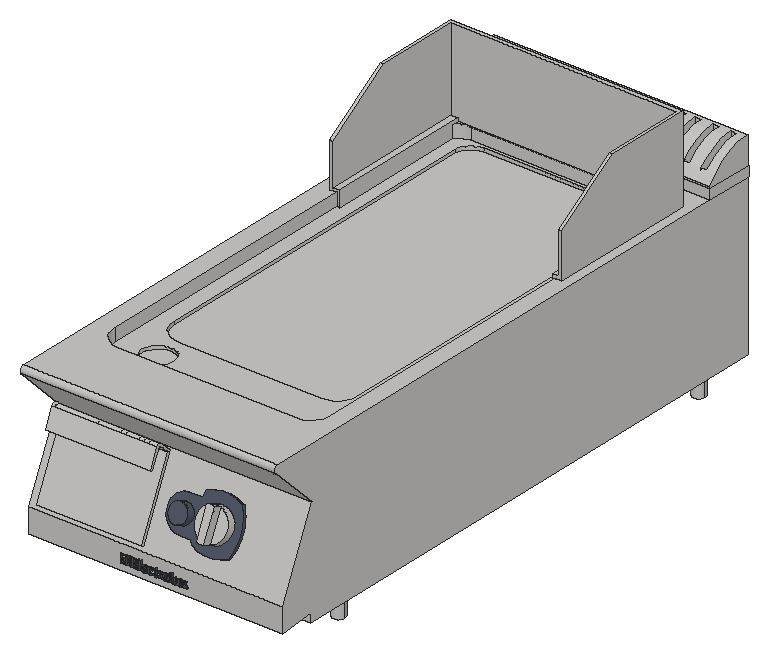
Revit family "QF_ELECTROLUXPROFESSIONAL_391585_E9IIDTAOMCI", category Attrezzature speciali, Revit 2021
Family settings
  Quota connettore circolare = Usa diametro
  Tipo di parte = Normale
  Basato su piano di lavoro = No
  Sempre verticale = Sì
  Taglio con vuoti quando caricato = No
  Condiviso = No
  Punto di calcolo locali = No
Parameters (values of type "Standard")
  Weight = 55.00 kg
  Watts = 0 W
  Volts = 0 V
  URL Manufacturer = "https://www.electroluxprofessional.com/"
  URL = "https://www.electroluxprofessional.com/"
  Steam Supply Size = 0"
  Steam Supply Minimum Pressure = 0.00 psi
  Steam Supply Maximum Pressure = 0.00 psi
  Steam Consumption per Hour = 0
  Show Logo [instance] = yes
  Show Clearance [instance] = yes
  Refrigeration Suction Line Size = 0 mm
  Refrigeration Liquid Line Size = 0 mm
  Refrigerant Compressor Remote = yes
  Prospetto di default = 0 mm
  Phase = 0
  Modello = "E9IIDTAOMCI"
  Produttore = "Electrolux Professional"
  Length Actual = 400 mm  # constant formula
  Item Number = "391585"
  Hot Water Size = 0"
  Height Actual = 250 mm  # constant formula
  HP = "0 HP"
  Gas Size = 1/2"
  Gas KW = 10
  Gas Input Pressure = 0.336018 Btu/h
  Direct Waste Size = 0"
  Descrizione = "GAS FRY TOP POLISHED CHROME SMOOTH SLOPED PLATE 400MM - QMARK"
  Depth Actual = 930 mm  # constant formula
  Cycle = 0 Hz
  Condensate Return Size = 0"
  Compressed Air Volume = 0 GPM
  Compressed Air Size = 0"
  Compressed Air Pressure = 0.00 psi
  Cold Water Size = 0"
  Base Height [instance] = 24 mm  # constant formula
  Accessory = yes
Reference planes
  plane 1 "BACK": y = 0
  plane 2: z = 0
  plane 3 "LEFT": x = 0
  plane 4 "RIGHT": x = 400
  plane 5 "FRONT": y = -930
  plane 6 "TOP": z = 410
  plane 7 "Center Y": x = 200
  plane 8 "Center X": y = -465
  plane 9 "BASE": z = 24
  plane 10: y = -791
  plane 11: y = -83
  plane 12: x = 348
  plane 13: y = -1045
  plane 14: z = 275
  plane 15: y = -666
  plane 16: y = -346.873
Forms (mm)
  Extrusion 1, solid, material "QF_Clearances", visible <- "Show Clearance", detail levels coarse
    sketch origin (0, 0, 0) x (1, 0, 0) y (0, 1, 0)
      loop
        line (0, -930) -> (0, 0) -> (400.05, 0) -> (400.05, -930) -> (500.069, -930) -> (500.069, 100.019) -> (-100.019, 100.019) -> (-100.019, -930) -> (0, -930)
    from 0 to 410
  Extrusion 2, solid, material "QF_Finishes_Stainless Steel"
    sketch origin (0, -200, 0) x (0, 1, 0) y (0, 0, 1)
      loop
        line (200, 275) -> (-723.497, 275)
        arc (-723.497, 275) -> (-729.729, 270.836) -> (-728.267, 263.485) r 6.745
        line (-728.267, 263.485) -> (-657.416, 192.634) -> (-713.772, 70.59) -> (-713.772, 32.49) -> (-660.4, 38.1) -> (-660.4, 24) -> (200, 24) -> (200, 275)
    from 0 to 400.05
  Extrusion 3, void
    sketch origin (0, -202.381, 275.4) x (-1, 0, 0) y (0, -1, 0)
      loop
        arc (-55.4, -87.381) -> (-37.439, -79.942) -> (-30, -61.981) r 25.4
        line (-30, -61.981) -> (-30, 579.98)
        arc (-30, 579.98) -> (-40.99, 606.513) -> (-67.523, 617.504) r 37.523
        line (-67.523, 617.504) -> (-344.314, 617.504)
        arc (-344.314, 617.504) -> (-366.048, 608.501) -> (-375.05, 586.768) r 30.736
        line (-375.05, 586.768) -> (-375.05, -61.981)
        arc (-375.05, -61.981) -> (-367.611, -79.942) -> (-349.65, -87.381) r 25.4
        line (-349.65, -87.381) -> (-55.4, -87.381)
    from 0 to -20
  Extrusion 4, solid, material "QF_Finishes_Stainless Steel"
    sketch origin (0, -200, 0) x (1, 0, 0) y (0, 1, 0)
      loop
        circle (11.112, 117) r 9.525
      loop
        circle (11.112, -591) r 9.525
      loop
        circle (388.887, 117) r 9.525
      loop
        circle (388.888, -591) r 9.525
    from 0 to 24
  Extrusion 5, solid, material "QF_Finishes_Navy Blue - Electrolux"
    sketch origin (115.456, -913.772, 69.19) x (0, 0.419232, 0.907879) y (-1, 0, 0)
      loop
        arc (102.26, -132.62) -> (97.637, -130.762) -> (92.92, -129.161) r 90.355
        arc (92.92, -129.161) -> (93.04, -117.639) -> (92.027, -106.161) r 117.12
        arc (92.027, -106.161) -> (66.337, -82.611) -> (38.409, -103.459) r 27.322
        arc (38.409, -103.459) -> (36.611, -116.6) -> (37.509, -129.833) r 65.199
        arc (37.509, -129.833) -> (34.4, -130.94) -> (31.333, -132.16) r 90.355
        arc (31.333, -132.16) -> (24.504, -161.269) -> (31.333, -190.378) r 65.456
        arc (31.333, -190.378) -> (66.877, -199.452) -> (102.26, -189.765) r 71.728
        arc (102.26, -189.765) -> (108.852, -161.193) -> (102.26, -132.62) r 65.22
    from 0 to 3.175
  Extrusion 6, solid, material "QF_Finishes_Stainless Steel"
    sketch origin (115.456, -917.486, 68.721) x (0, 0.419232, 0.907879) y (-1, 0, 0)
      loop
        circle (68.826, -160.963) r 25.4
    from 0 to 12.7
  Extrusion 7, solid, material "QF_Finishes_Stainless Steel"
    sketch origin (115.456, -929.016, 74.045) x (0, 0.419232, 0.907879) y (-1, 0, 0)
      loop
        arc (93.558, -166.749) -> (94.226, -160.963) -> (93.558, -155.177) r 25.4
        line (93.558, -155.177) -> (44.094, -155.177)
        arc (44.094, -155.177) -> (43.426, -160.963) -> (44.094, -166.749) r 25.4
        line (44.094, -166.749) -> (93.558, -166.749)
    from 0 to 12.7
  Extrusion 8, solid, material "QF_Finishes_Navy Blue - Electrolux", visible <- "Show Logo"
    sketch origin (-142.26, -913.772, 35.853) x (0, 0, 1) y (-1, 0, 0)
      loop
        line (20.674, -296.698) -> (8.307, -296.698)
        arc (8.307, -296.698) -> (14.491, -301.27) -> (20.674, -296.698) r 6.467
      loop
        arc (20.674, -296.069) -> (19.505, -290.926) -> (14.849, -288.448) r 6.338
        line (14.849, -288.448) -> (14.849, -290.494)
        arc (14.849, -290.494) -> (16.333, -294.149) -> (19.778, -296.069) r 5.941
        line (19.778, -296.069) -> (20.674, -296.069)
      loop
        arc (9.203, -296.069) -> (12.648, -294.149) -> (14.132, -290.494) r 5.941
        line (14.132, -290.494) -> (14.132, -288.448)
        arc (14.132, -288.448) -> (9.438, -290.922) -> (8.148, -296.069) r 6.504
        line (8.148, -296.069) -> (9.203, -296.069)
      loop
        line (21.349, -287.979) -> (7.604, -287.979) -> (7.604, -301.742) -> (21.349, -301.742) -> (21.349, -287.979)
      loop
        arc (21.432, -304.71) -> (21.085, -304.352) -> (20.718, -304.69) r 0.358
        arc (20.718, -304.69) -> (20.404, -305.44) -> (19.687, -305.825) r 1.216
        line (19.687, -305.825) -> (9.274, -305.825)
        arc (9.274, -305.825) -> (8.614, -305.548) -> (8.218, -304.951) r 1.238
        arc (8.218, -304.951) -> (7.823, -304.7) -> (7.518, -305.054) r 0.358
        line (7.518, -305.054) -> (7.518, -314.933) -> (10.269, -314.933) -> (10.269, -314.036)
        arc (10.269, -314.036) -> (9.36, -313.456) -> (8.904, -312.479) r 1.928
        line (8.904, -312.479) -> (8.904, -309.98)
        arc (8.904, -309.98) -> (9.18, -309.251) -> (9.868, -308.887) r 1.101
        line (9.868, -308.887) -> (13.955, -308.887) -> (13.955, -312.561)
        arc (13.955, -312.561) -> (13.602, -313.058) -> (13.037, -313.286) r 1.083
        arc (13.037, -313.286) -> (12.773, -313.591) -> (13.065, -313.869) r 0.292
        line (13.065, -313.869) -> (16.028, -313.869)
        arc (16.028, -313.869) -> (16.33, -313.596) -> (16.092, -313.266) r 0.305
        arc (16.092, -313.266) -> (15.601, -313.018) -> (15.296, -312.561) r 1.083
        line (15.296, -312.561) -> (15.296, -308.887) -> (19.973, -308.887) -> (19.973, -312.635)
        arc (19.973, -312.635) -> (19.759, -313.39) -> (19.153, -313.888) r 1.314
        arc (19.153, -313.888) -> (18.934, -314.292) -> (19.288, -314.585) r 0.361
        line (19.288, -314.585) -> (21.432, -314.585) -> (21.432, -304.71)
      loop
        arc (20.715, -315.365) -> (20.335, -316.284) -> (19.416, -316.664) r 1.299
        line (19.416, -316.664) -> (9.837, -316.664)
        arc (9.837, -316.664) -> (8.999, -316.286) -> (8.728, -315.408) r 1.118
        line (8.728, -315.408) -> (7.518, -315.408) -> (7.518, -320.758) -> (8.706, -320.758)
        arc (8.706, -320.758) -> (8.978, -319.841) -> (9.848, -319.445) r 1.153
        line (9.848, -319.445) -> (21.92, -319.445) -> (20.715, -315.365)
      loop
        line (12.483, -323.394) -> (12.483, -329.842) -> (13.282, -329.842)
        arc (13.282, -329.842) -> (15.862, -328.857) -> (17.131, -326.404) r 3.874
        line (17.131, -326.404) -> (17.131, -324.643)
        arc (17.131, -324.643) -> (15.944, -321.778) -> (13.08, -320.592) r 4.051
        line (13.08, -320.592) -> (11.072, -320.592)
        arc (11.072, -320.592) -> (8.253, -322.077) -> (7.202, -325.084) r 4.352
        arc (7.202, -325.084) -> (7.566, -327.547) -> (8.943, -329.621) r 5.713
        line (8.943, -329.621) -> (9.892, -329.621)
        arc (9.892, -329.621) -> (9.16, -328.052) -> (8.943, -326.334) r 5.579
        arc (8.943, -326.334) -> (9.737, -324.371) -> (11.616, -323.394) r 3.057
        line (11.616, -323.394) -> (12.483, -323.394)
      loop
        line (13.742, -323.394) -> (13.742, -326.977)
        arc (13.742, -326.977) -> (15.199, -327.024) -> (16.082, -325.864) r 1.59
        line (16.082, -325.864) -> (16.082, -325.034)
        arc (16.082, -325.034) -> (15.217, -323.779) -> (13.742, -323.394) r 2.184
      loop
        arc (16.533, -339.259) -> (17.022, -337.585) -> (17.179, -335.848) r 9.023
        line (17.179, -335.848) -> (17.179, -334.486)
        arc (17.179, -334.486) -> (16.02, -331.686) -> (13.22, -330.527) r 3.959
        line (13.22, -330.527) -> (10.62, -330.527)
        arc (10.62, -330.527) -> (8.338, -331.819) -> (7.221, -334.192) r 4.331
        line (7.221, -334.192) -> (7.221, -336.327)
        arc (7.221, -336.327) -> (7.729, -337.877) -> (8.651, -339.223) r 5.772
        arc (8.651, -339.223) -> (9.412, -339.274) -> (9.499, -338.515) r 0.553
        arc (9.499, -338.515) -> (9.111, -337.781) -> (8.977, -336.962) r 2.573
        line (8.977, -336.962) -> (8.977, -335.447)
        arc (8.977, -335.447) -> (9.983, -333.806) -> (11.798, -333.163) r 2.884
        line (11.798, -333.163) -> (13.077, -333.163)
        arc (13.077, -333.163) -> (14.898, -333.723) -> (15.824, -335.388) r 2.554
        line (15.824, -335.388) -> (15.824, -336.441)
        arc (15.824, -336.441) -> (15.493, -337.369) -> (14.836, -338.104) r 2.564
        arc (14.836, -338.104) -> (14.614, -338.821) -> (15.223, -339.259) r 0.643
        line (15.223, -339.259) -> (16.533, -339.259)
      loop
        line (15.515, -339.53) -> (15.515, -341.031) -> (9.467, -341.031)
        arc (9.467, -341.031) -> (7.879, -341.688) -> (7.221, -343.276) r 2.246
        line (7.221, -343.276) -> (7.221, -344.86)
        arc (7.221, -344.86) -> (7.535, -345.725) -> (8.035, -346.496) r 4.06
        arc (8.035, -346.496) -> (8.768, -346.629) -> (9.019, -345.928) r 0.576
        arc (9.019, -345.928) -> (8.913, -345.403) -> (8.977, -344.87) r 1.69
        arc (8.977, -344.87) -> (9.519, -344.082) -> (10.425, -343.779) r 1.506
        line (10.425, -343.779) -> (15.563, -343.779) -> (15.563, -346.176) -> (16.119, -346.733) -> (16.941, -346.733) -> (16.941, -343.873) -> (20.172, -343.873) -> (15.515, -339.53)
      loop
        line (7.438, -347.63) -> (7.438, -353.017) -> (8.548, -353.017)
        arc (8.548, -353.017) -> (8.942, -352.066) -> (9.893, -351.672) r 1.345
        line (9.893, -351.672) -> (13.509, -351.672)
        arc (13.509, -351.672) -> (14.274, -352.264) -> (14.564, -353.186) r 1.615
        line (14.564, -353.186) -> (14.564, -354.742) -> (17.119, -355.427) -> (17.119, -354.044) -> (15.177, -351.485) -> (17.057, -351.485) -> (16.773, -348.779)
        arc (16.773, -348.779) -> (16.333, -348.249) -> (15.674, -348.45) r 0.621
        arc (15.674, -348.45) -> (15.274, -348.792) -> (14.78, -348.975) r 1.501
        line (14.78, -348.975) -> (9.893, -348.975)
        arc (9.893, -348.975) -> (8.942, -348.581) -> (8.548, -347.63) r 1.345
        line (8.548, -347.63) -> (7.438, -347.63)
      loop
        line (13.54, -354.964) -> (10.848, -354.964)
        arc (10.848, -354.964) -> (8.403, -356.272) -> (7.269, -358.803) r 4.288
        arc (7.269, -358.803) -> (7.205, -360.183) -> (7.269, -361.563) r 15.022
        arc (7.269, -361.563) -> (8.403, -364.094) -> (10.848, -365.401) r 4.288
        line (10.848, -365.401) -> (13.54, -365.401)
        arc (13.54, -365.401) -> (15.986, -364.094) -> (17.119, -361.563) r 4.288
        arc (17.119, -361.563) -> (17.183, -360.183) -> (17.119, -358.803) r 15.022
        arc (17.119, -358.803) -> (15.986, -356.272) -> (13.54, -354.964) r 4.288
      loop
        line (13.745, -358.078) -> (10.643, -358.078)
        arc (10.643, -358.078) -> (8.486, -360.235) -> (10.643, -362.392) r 2.157
        line (10.643, -362.392) -> (13.745, -362.392)
        arc (13.745, -362.392) -> (15.902, -360.235) -> (13.745, -358.078) r 2.157
      loop
        arc (20.726, -365.26) -> (20.355, -366.154) -> (19.461, -366.524) r 1.264
        line (19.461, -366.524) -> (9.597, -366.524)
        arc (9.597, -366.524) -> (8.727, -366.127) -> (8.455, -365.211) r 1.153
        line (8.455, -365.211) -> (7.518, -365.211) -> (7.518, -370.319) -> (8.446, -370.319)
        arc (8.446, -370.319) -> (8.805, -369.547) -> (9.597, -369.232) r 1.153
        line (9.597, -369.232) -> (21.92, -369.232) -> (20.726, -365.26)
      loop
        arc (15.846, -369.857) -> (15.647, -370.921) -> (14.678, -371.403) r 1.215
        line (14.678, -371.403) -> (9.658, -371.403)
        arc (9.658, -371.403) -> (8.043, -372.051) -> (7.322, -373.634) r 2.338
        line (7.322, -373.634) -> (7.322, -375.148)
        arc (7.322, -375.148) -> (7.497, -376.152) -> (7.999, -377.038) r 2.979
        line (7.999, -377.038) -> (7.518, -378.835) -> (7.518, -380.524) -> (16.943, -380.524) -> (16.649, -376.32) -> (15.863, -376.32)
        arc (15.863, -376.32) -> (15.507, -377.156) -> (14.755, -377.665) r 1.605
        line (14.755, -377.665) -> (9.652, -377.665)
        arc (9.652, -377.665) -> (9.232, -376.728) -> (9.159, -375.704) r 2.94
        arc (9.159, -375.704) -> (9.72, -374.603) -> (10.873, -374.16) r 1.724
        line (10.873, -374.16) -> (17.07, -374.16) -> (15.846, -369.857)
      loop
        line (16.874, -381.377) -> (15.202, -383.423) -> (12.028, -385.729) -> (8.572, -382.617)
        arc (8.572, -382.617) -> (8.335, -382.223) -> (8.357, -381.764) r 0.789
        line (8.357, -381.764) -> (7.518, -381.764) -> (7.518, -385.309) -> (8.344, -385.309)
        arc (8.344, -385.309) -> (8.686, -384.947) -> (9.176, -385.039) r 0.52
        line (9.176, -385.039) -> (10.976, -386.51) -> (8.858, -387.886)
        arc (8.858, -387.886) -> (8.457, -387.576) -> (8.37, -387.076) r 0.7
        line (8.37, -387.076) -> (7.518, -387.076) -> (7.518, -393.003) -> (8.405, -393.003)
        arc (8.405, -393.003) -> (8.472, -392.344) -> (8.866, -391.813) r 1.247
        line (8.866, -391.813) -> (13.066, -388.532) -> (15.513, -390.585) -> (16.874, -392.327) -> (16.874, -388.604) -> (15.389, -389.026) -> (13.868, -387.749) -> (15.568, -386.559) -> (16.874, -387.336) -> (16.874, -381.377)
    from 0 to 1.644
  Extrusion 9, solid, material "QF_Finishes_Stainless Steel"
    sketch origin (0, -200, 0) x (0, 1, 0) y (0, 0, 1)
      loop
        line (-658.831, 188.559) -> (-675.238, 204.966)
        arc (-675.238, 204.966) -> (-679.705, 206.368) -> (-683.409, 203.504) r 5.058
        line (-683.409, 203.504) -> (-696.071, 175.994) -> (-693.187, 174.666) -> (-680.525, 202.176)
        arc (-680.525, 202.176) -> (-679.146, 203.243) -> (-677.483, 202.721) r 1.883
        line (-677.483, 202.721) -> (-662.64, 187.878) -> (-713.474, 77.433) -> (-710.589, 76.105) -> (-658.831, 188.559)
    from 12.7 to 177.8
  Extrusion 10, solid, material "QF_Door-Drawer Clearances", visible <- "Show Clearance", detail levels coarse
    sketch origin (0, -301.6, 0) x (0, 1, 0) y (0, 0, 1)
      loop
        line (-576.323, 206.368) -> (-709.631, 206.368)
        arc (-709.631, 206.368) -> (-711.835, 205.39) -> (-713.335, 203.504) r 5.058
        line (-713.335, 203.504) -> (-725.997, 175.994) -> (-723.113, 174.666) -> (-710.451, 202.176)
        arc (-710.451, 202.176) -> (-709.072, 203.243) -> (-707.409, 202.721) r 1.883
        line (-707.409, 202.721) -> (-692.566, 187.878) -> (-743.4, 77.433) -> (-740.516, 76.105) -> (-608.989, 76.105) -> (-557.231, 188.559) -> (-573.638, 204.966)
        arc (-573.638, 204.966) -> (-574.873, 205.873) -> (-576.323, 206.368) r 5.058
    from 12.7 to 177.8
  Extrusion 11, solid, material "QF_Finishes_Stainless Steel"
    sketch origin (0, 0, 24) x (-1, 0, 0) y (0, 1, 0)
      loop
        circle (-348.05, -666) r 6.4
    from 0 to 18
  Extrusion 12, solid, material "QF_Finishes_Stainless Steel"
    sketch origin (0, -200, 0) x (0, -1, 0) y (0, 0, 1)
      loop
        line (-124.988, 275) -> (-124.988, 290) -> (-200, 290) -> (-200, 275) -> (-124.988, 275)
    from 0 to -400.05
  Extrusion 13, solid, material "QF_Finishes_Stainless Steel"
    sketch origin (0, 0, 0) x (0, 1, 0) y (0, 0, 1)
      loop
        line (0, 290) -> (0, 333.762)
        arc (0, 333.762) -> (-42.919, 323.313) -> (-75.012, 292.959) r 86.116
        line (-75.012, 292.959) -> (-75.012, 290) -> (0, 290)
    from 0 to 400
  Extrusion 14, void
    sketch origin (0, 0, 273.238) x (-1, 0, 0) y (0, -1, 0)
      loop
        line (-13.453, 6.761) -> (-13.453, 63.911) -> (-22.749, 63.911) -> (-22.749, 6.761) -> (-13.453, 6.761)
    from 25.4 to 63.5
  Extrusion 15, void
    sketch origin (400.05, 0, 273.238) x (1, 0, 0) y (0, 1, 0)
      loop
        line (-13.503, -6.761) -> (-22.799, -6.761) -> (-22.799, -63.911) -> (-13.503, -63.911) -> (-13.503, -6.761)
    from 25.4 to 63.5
  Extrusion 16, void
    sketch origin (27.988, 0, 273.238) x (-1, 0, 0) y (0, -1, 0)
      loop
        line (-13.453, 6.761) -> (-13.453, 63.911) -> (-22.749, 63.911) -> (-22.749, 6.761) -> (-13.453, 6.761)
    from 25.4 to 63.5
  Extrusion 17, void
    sketch origin (55.977, 0, 273.238) x (-1, 0, 0) y (0, -1, 0)
      loop
        line (-13.453, 6.761) -> (-13.453, 63.911) -> (-22.749, 63.911) -> (-22.749, 6.761) -> (-13.453, 6.761)
    from 25.4 to 63.5
  Extrusion 18, void
    sketch origin (83.965, 0, 273.238) x (-1, 0, 0) y (0, -1, 0)
      loop
        line (-13.428, 6.761) -> (-13.428, 63.911) -> (-22.724, 63.911) -> (-22.724, 6.761) -> (-13.428, 6.761)
    from 25.4 to 63.5
  Extrusion 19, void
    sketch origin (111.953, 0, 273.238) x (-1, 0, 0) y (0, -1, 0)
      loop
        line (-13.428, 6.761) -> (-13.428, 63.911) -> (-22.724, 63.911) -> (-22.724, 6.761) -> (-13.428, 6.761)
    from 25.4 to 63.5
  Extrusion 20, void
    sketch origin (139.942, 0, 273.238) x (-1, 0, 0) y (0, -1, 0)
      loop
        line (-13.428, 6.761) -> (-13.428, 63.911) -> (-22.724, 63.911) -> (-22.724, 6.761) -> (-13.428, 6.761)
    from 25.4 to 63.5
  Extrusion 21, void
    sketch origin (167.93, 0, 273.238) x (-1, 0, 0) y (0, -1, 0)
      loop
        line (-13.428, 6.761) -> (-13.428, 63.911) -> (-22.724, 63.911) -> (-22.724, 6.761) -> (-13.428, 6.761)
    from 25.4 to 63.5
  Extrusion 22, void
    sketch origin (307.872, 0, 273.238) x (-1, 0, 0) y (0, -1, 0)
      loop
        line (-13.403, 6.761) -> (-13.403, 63.911) -> (-22.699, 63.911) -> (-22.699, 6.761) -> (-13.403, 6.761)
    from 25.4 to 63.5
  Extrusion 23, void
    sketch origin (335.86, 0, 273.238) x (-1, 0, 0) y (0, -1, 0)
      loop
        line (-13.403, 6.761) -> (-13.403, 63.911) -> (-22.699, 63.911) -> (-22.699, 6.761) -> (-13.403, 6.761)
    from 25.4 to 63.5
  Extrusion 24, void
    sketch origin (228.013, 0, 273.238) x (-1, 0, 0) y (0, -1, 0)
      loop
        line (-13.428, 6.761) -> (-13.428, 63.911) -> (-22.724, 63.911) -> (-22.724, 6.761) -> (-13.428, 6.761)
    from 25.4 to 63.5
  Extrusion 25, void
    sketch origin (256.002, 0, 273.238) x (-1, 0, 0) y (0, -1, 0)
      loop
        line (-13.428, 6.761) -> (-13.428, 63.911) -> (-22.724, 63.911) -> (-22.724, 6.761) -> (-13.428, 6.761)
    from 25.4 to 63.5
  Extrusion 26, void
    sketch origin (283.99, 0, 273.238) x (-1, 0, 0) y (0, -1, 0)
      loop
        line (-13.403, 6.761) -> (-13.403, 63.911) -> (-22.699, 63.911) -> (-22.699, 6.761) -> (-13.403, 6.761)
    from 25.4 to 63.5
  Extrusion 27, void
    sketch origin (200.025, 0, 273.238) x (-1, 0, 0) y (0, -1, 0)
      loop
        line (-13.428, 6.761) -> (-13.428, 63.911) -> (-22.724, 63.911) -> (-22.724, 6.761) -> (-13.428, 6.761)
    from 25.4 to 63.5
  Extrusion 28, void
    sketch origin (0, -202.381, 255.4) x (0, -1, 0) y (-1, 0, 0)
      loop
        arc (-56.619, -55) -> (-74.579, -62.439) -> (-82.019, -80.4) r 25.4
        line (-82.019, -80.4) -> (-82.019, -322.6)
        arc (-82.019, -322.6) -> (-74.579, -340.561) -> (-56.619, -348) r 25.4
        line (-56.619, -348) -> (501.768, -348)
        arc (501.768, -348) -> (523.501, -338.998) -> (532.504, -317.264) r 30.736
        line (532.504, -317.264) -> (532.504, -92.523)
        arc (532.504, -92.523) -> (521.513, -65.99) -> (494.98, -55) r 37.523
        line (494.98, -55) -> (-56.619, -55)
      loop
        circle (572.619, -92.5) r 25
    from 0 to 5
  Extrusion 29, solid, material "QF_Finishes_Navy Blue - Electrolux"
    sketch origin (115.456, -916.655, 70.521) x (0, 0.419232, 0.907879) y (-1, 0, 0)
      loop
        circle (65.09, -109.237) r 15
    from 0 to 12.7
  Extrusion 30, solid, material "QF_Finishes_Stainless Steel"
    sketch origin (0, 0, 275) x (0, 0, -1) y (-1, 0, 0)
      loop
        line (19.6, -30) -> (0, -30) -> (0, -20) -> (-135, -20) -> (-135, -25) -> (-5, -25) -> (-5, -35) -> (19.6, -35) -> (19.6, -30)
      loop
        line (19.6, -375.05) -> (19.6, -370.05) -> (-5, -370.05) -> (-5, -380.05) -> (-135, -380.05) -> (-135, -385.05) -> (0, -385.05) -> (0, -375.05) -> (19.6, -375.05)
    from -110 to -346.873
  Extrusion 31, void
    sketch origin (385.05, 0, 292.959) x (0, 0, -1) y (0, -1, 0)
      loop
        line (-52.041, 346.873) -> (-117.041, 346.873) -> (-117.041, 246.781) -> (-52.041, 346.873)
    from 0 to 12.7
  Extrusion 32, void
    sketch origin (25, 0, 292.959) x (0, 0, -1) y (0, -1, 0)
      loop
        line (-52.041, 346.873) -> (-117.041, 346.873) -> (-117.041, 246.781) -> (-52.041, 346.873)
    from 0 to 12.7
  Extrusion 33, solid, material "QF_Finishes_Stainless Steel"
    sketch origin (0, -110, 275) x (0, 0, -1) y (-1, 0, 0)
      loop
        line (-135, -20) -> (-135, -385.05) -> (0, -385.05) -> (0, -20) -> (-135, -20)
    from 0 to -5
Cuts and joins
  Extrusion 3, Extrusion 28 cuts Extrusion 2
  Extrusion 14, Extrusion 15, Extrusion 16, Extrusion 17, Extrusion 18, Extrusion 19, Extrusion 20, Extrusion 21, Extrusion 22, Extrusion 23, Extrusion 24, Extrusion 25, Extrusion 26, Extrusion 27 cuts Extrusion 13
  Extrusion 24 cuts Extrusion 1
  Extrusion 31, Extrusion 32 cuts Extrusion 30
  joined: Extrusion 30, Extrusion 33
Lines and regions (mm)
  Split face 1
    outline origin (115.456, -928.185, 75.846) x (0, 0.419232, 0.907879) y (-1, 0, 0)
      loop
        line (78.679, -108.296) -> (67.103, -108.296) -> (67.103, -110.296) -> (78.679, -110.296) -> (78.679, -108.296)
  symbolic lines, style "QF_Clearances", visible <- "Show Clearance", detail levels coarse
    curve 1: line (-100.019, 100.019, 276.225) -> (-100.019, -930, 276.225)
    curve 2: line (500.069, 100.019, 276.225) -> (-100.019, 100.019, 276.225)
    curve 3: line (500.069, -930, 276.225) -> (500.069, 100.019, 276.225)
  symbolic lines
    curve 4: line (0, -75.012, 276.225) -> (400.05, -75.012, 276.225)
    curve 5: line (0, -930.25, 276.225) -> (0, 0, 276.225)
    curve 6: line (400.05, 0, 276.225) -> (400.05, -930.25, 276.225)
    curve 7: line (30, -346.873, 276.225) -> (30, -782.362, 276.225)
    curve 8: arc (30, -782.362, 276.225) -> (40.99, -808.895, 276.225) -> (67.523, -819.885, 276.225) r 37.523
    curve 9: arc (344.314, -819.885, 276.225) -> (366.048, -810.883, 276.225) -> (375.05, -789.149, 276.225) r 30.736
    curve 10: line (375.05, -789.149, 276.225) -> (375.05, -346.873, 276.225)
    curve 11: line (400.05, -930.25, 276.225) -> (0, -930.25, 276.225)
    curve 12: line (67.523, -819.885, 276.225) -> (344.314, -819.885, 276.225)
    curve 16: line (0, 0, 276.225) -> (400.05, 0, 276.225)
    curve 17: line (22.749, -6.761, 276.225) -> (22.749, -63.911, 276.225)
    curve 18: line (22.749, -63.911, 276.225) -> (13.453, -63.911, 276.225)
    curve 19: line (13.453, -63.911, 276.225) -> (13.453, -6.761, 276.225)
    curve 20: line (13.453, -6.761, 276.225) -> (22.749, -6.761, 276.225)
    curve 21: line (50.737, -6.761, 276.225) -> (50.737, -63.911, 276.225)
    curve 22: line (50.737, -63.911, 276.225) -> (41.441, -63.911, 276.225)
    curve 23: line (41.441, -63.911, 276.225) -> (41.441, -6.761, 276.225)
    curve 24: line (41.441, -6.761, 276.225) -> (50.737, -6.761, 276.225)
    curve 25: line (78.725, -6.761, 276.225) -> (78.725, -63.911, 276.225)
    curve 26: line (78.725, -63.911, 276.225) -> (69.43, -63.911, 276.225)
    curve 27: line (69.43, -63.911, 276.225) -> (69.43, -6.761, 276.225)
    curve 28: line (69.43, -6.761, 276.225) -> (78.725, -6.761, 276.225)
    curve 29: line (106.689, -6.761, 276.225) -> (106.689, -63.911, 276.225)
    curve 30: line (106.689, -63.911, 276.225) -> (97.393, -63.911, 276.225)
    curve 31: line (97.393, -63.911, 276.225) -> (97.393, -6.761, 276.225)
    curve 32: line (97.393, -6.761, 276.225) -> (106.689, -6.761, 276.225)
    curve 33: line (134.677, -6.761, 276.225) -> (134.677, -63.911, 276.225)
    curve 34: line (134.677, -63.911, 276.225) -> (125.381, -63.911, 276.225)
    curve 35: line (125.381, -63.911, 276.225) -> (125.381, -6.761, 276.225)
    curve 36: line (125.381, -6.761, 276.225) -> (134.677, -6.761, 276.225)
    curve 37: line (162.665, -6.761, 276.225) -> (162.665, -63.911, 276.225)
    curve 38: line (162.665, -63.911, 276.225) -> (153.37, -63.911, 276.225)
    curve 39: line (153.37, -63.911, 276.225) -> (153.37, -6.761, 276.225)
    curve 40: line (153.37, -6.761, 276.225) -> (162.665, -6.761, 276.225)
    curve 41: line (190.654, -6.761, 276.225) -> (190.654, -63.911, 276.225)
    curve 42: line (190.654, -63.911, 276.225) -> (181.358, -63.911, 276.225)
    curve 43: line (181.358, -63.911, 276.225) -> (181.358, -6.761, 276.225)
    curve 44: line (181.358, -6.761, 276.225) -> (190.654, -6.761, 276.225)
    curve 45: line (222.749, -6.761, 276.225) -> (222.749, -63.911, 276.225)
    curve 46: line (222.749, -63.911, 276.225) -> (213.453, -63.911, 276.225)
    curve 47: line (213.453, -63.911, 276.225) -> (213.453, -6.761, 276.225)
    curve 48: line (213.453, -6.761, 276.225) -> (222.749, -6.761, 276.225)
    curve 49: line (250.737, -6.761, 276.225) -> (250.737, -63.911, 276.225)
    curve 50: line (250.737, -63.911, 276.225) -> (241.441, -63.911, 276.225)
    curve 51: line (241.441, -63.911, 276.225) -> (241.441, -6.761, 276.225)
    curve 52: line (241.441, -6.761, 276.225) -> (250.737, -6.761, 276.225)
    curve 53: line (278.725, -6.761, 276.225) -> (278.725, -63.911, 276.225)
    curve 54: line (278.725, -63.911, 276.225) -> (269.43, -63.911, 276.225)
    curve 55: line (269.43, -63.911, 276.225) -> (269.43, -6.761, 276.225)
    curve 56: line (269.43, -6.761, 276.225) -> (278.725, -6.761, 276.225)
    curve 57: line (306.689, -6.761, 276.225) -> (306.689, -63.911, 276.225)
    curve 58: line (306.689, -63.911, 276.225) -> (297.393, -63.911, 276.225)
    curve 59: line (297.393, -63.911, 276.225) -> (297.393, -6.761, 276.225)
    curve 60: line (297.393, -6.761, 276.225) -> (306.689, -6.761, 276.225)
    curve 61: line (330.57, -6.761, 276.225) -> (330.57, -63.911, 276.225)
    curve 62: line (330.57, -63.911, 276.225) -> (321.275, -63.911, 276.225)
    curve 63: line (321.275, -63.911, 276.225) -> (321.275, -6.761, 276.225)
    curve 64: line (321.275, -6.761, 276.225) -> (330.57, -6.761, 276.225)
    curve 65: line (358.559, -6.761, 276.225) -> (358.559, -63.911, 276.225)
    curve 66: line (358.559, -63.911, 276.225) -> (349.263, -63.911, 276.225)
    curve 67: line (349.263, -63.911, 276.225) -> (349.263, -6.761, 276.225)
    curve 68: line (349.263, -6.761, 276.225) -> (358.559, -6.761, 276.225)
    curve 69: line (386.547, -6.761, 276.225) -> (386.547, -63.911, 276.225)
    curve 70: line (386.547, -63.911, 276.225) -> (377.251, -63.911, 276.225)
    curve 71: line (377.251, -63.911, 276.225) -> (377.251, -6.761, 276.225)
    curve 72: line (377.251, -6.761, 276.225) -> (386.547, -6.761, 276.225)
    curve 73: line (20, -110, 276.225) -> (20, -346.873, 276.225)
    curve 74: line (385.05, -110, 276.225) -> (20, -110, 276.225)
    curve 75: line (385.05, -346.873, 276.225) -> (385.05, -110, 276.225)
    curve 76: line (20, -346.873, 276.225) -> (35, -346.873, 276.225)
    curve 77: line (370.05, -346.873, 276.225) -> (385.05, -346.873, 276.225)
    curve 78: arc (55, -145.762, 276.225) -> (62.439, -127.802, 276.225) -> (80.4, -120.362, 276.225) r 25.4
    curve 79: line (80.4, -120.362, 276.225) -> (322.6, -120.362, 276.225)
    curve 80: arc (322.6, -120.362, 276.225) -> (340.561, -127.802, 276.225) -> (348, -145.762, 276.225) r 25.4
    curve 81: line (348, -145.762, 276.225) -> (348, -704.149, 276.225)
    curve 82: arc (348, -704.149, 276.225) -> (338.998, -725.883, 276.225) -> (317.264, -734.885, 276.225) r 30.736
    curve 83: line (317.264, -734.885, 276.225) -> (92.523, -734.885, 276.225)
    curve 84: arc (92.523, -734.885, 276.225) -> (65.99, -723.895, 276.225) -> (55, -697.362, 276.225) r 37.523
    curve 85: line (55, -697.362, 276.225) -> (55, -145.762, 276.225)
    curve 86: line (370.05, -346.873, 276.225) -> (370.05, -115, 276.225)
    curve 87: line (380.05, -115, 276.225) -> (380.05, -346.873, 276.225)
    curve 88: line (35, -346.873, 276.225) -> (35, -115, 276.225)
    curve 89: line (25, -346.873, 276.225) -> (25, -115, 276.225)
    curve 90: line (35, -115, 276.225) -> (380.05, -115, 276.225)
    curve 91: arc (370.05, -125.267, 276.225) -> (361.069, -117.712, 276.225) -> (349.65, -115, 276.225) r 25.4
    curve 92: arc (55.4, -115, 276.225) -> (43.981, -117.712, 276.225) -> (35, -125.267, 276.225) r 25.4
    curve 93: arc (92.5, -750, 276.225) -> (117.5, -775, 276.225) -> (92.5, -800, 276.225) r 25
    curve 94: arc (92.5, -800, 276.225) -> (67.5, -775, 276.225) -> (92.5, -750, 276.225) r 25
  symbolic lines, style "QF_Door-Drawer Clearances", visible <- "Show Clearance", detail levels coarse
    curve 13: line (12.7, -930.25, 276.225) -> (12.7, -1045, 276.225)
    curve 14: line (12.7, -1045, 276.225) -> (177.8, -1045, 276.225)
    curve 15: line (177.8, -1045, 276.225) -> (177.8, -930.25, 276.225)
Dimensions and locks
  equal spacing: plane 3 "LEFT", plane 7 "Center Y", plane 4 "RIGHT"
  plane 3 "LEFT" to plane 4 "RIGHT" = 400 mm
  equal spacing: plane 5 "FRONT", plane 8 "Center X", plane 1 "BACK"
  plane 5 "FRONT" to plane 1 "BACK" = 930 mm  (x2)
  plane 1 "BACK" to plane 5 "FRONT" = 930 mm
  "Base Height": plane 9 "BASE" to level
  plane 9 "BASE" to level = 24 mm
  plane 6 "TOP" to level = 410 mm
  plane 6 "TOP" to plane 9 "BASE" = 386 mm
  plane 13 to plane 1 "BACK" = 1045 mm
  Extrusion 4 sketch curve to plane 1 "BACK" = 83 mm
  plane 10 to plane 11 to plane 1 "BACK" = 708 mm, 83 mm
  Extrusion 4 sketch curve to Extrusion 4 sketch curve = 708 mm
  plane 5 "FRONT" to plane 10 = 139 mm
  Extrusion 11 to plane 9 "BASE" = 18 mm
  plane 14 to plane 9 "BASE" = 251 mm
  plane 15 to plane 1 "BACK" = 666 mm
  plane 9 "BASE" to plane 2 = 24 mm
  cut or joined group of Extrusion 13, Extrusion 14, Extrusion 15, Extrusion 16, Extrusion 17, Extrusion 18, Extrusion 19, Extrusion 20, Extrusion 21, Extrusion 22, Extrusion 23, Extrusion 24, Extrusion 25, Extrusion 26, Extrusion 27 to plane 9 "BASE" = 266 mm
  plane 5 "FRONT" to Extrusion 28 sketch curve = 155 mm
  aligned and locked: level to plane 2
  aligned and locked: plane 9 "BASE" to Extrusion 4
Automatic sketch dimensions
  plane 5 "FRONT" to Extrusion 1 sketch curve = 0 mm  (x2)
  plane 1 "BACK" to Extrusion 1 sketch curve = 0 mm
  Extrusion 1 sketch curve to plane 3 "LEFT" = 0 mm
  Extrusion 1 sketch curve to plane 3 "LEFT" = 100.019 mm
  plane 4 "RIGHT" to Extrusion 1 sketch curve = 0.05 mm
  Extrusion 1 sketch curve to Extrusion 1 sketch curve = 100.019 mm
  Extrusion 1 sketch curve to plane 1 "BACK" = 100.019 mm
  Extrusion 2 sketch curve to plane 14 = 0 mm
  Extrusion 2 sketch curve to plane 9 "BASE" = 0 mm
  Extrusion 2 sketch curve to plane 1 "BACK" = 0 mm
  plane 10 to Extrusion 2 sketch curve = 66.416 mm
  plane 9 "BASE" to Extrusion 2 sketch curve = 14.1 mm
  plane 10 to Extrusion 2 sketch curve = 69.4 mm
  Extrusion 2 sketch curve to plane 5 "FRONT" = 16.228 mm
  Extrusion 2 sketch curve to plane 5 "FRONT" = 6.503 mm
  Extrusion 2 sketch curve to plane 5 "FRONT" = 1.733 mm
  plane 9 "BASE" to Extrusion 2 sketch curve = 8.49 mm
  Extrusion 2 sketch curve to Extrusion 2 sketch curve = 38.1 mm
  Extrusion 2 sketch curve to plane 14 = 82.366 mm
  Extrusion 2 sketch curve to plane 14 = 11.515 mm
  plane 10 to Extrusion 4 sketch curve = 0 mm
  plane 11 to Extrusion 4 sketch curve = 0 mm
  plane 3 "LEFT" to Extrusion 4 sketch curve = 11.112 mm  (x2)
  Extrusion 4 sketch curve to plane 4 "RIGHT" = 11.113 mm  (x2)
  Extrusion 5 sketch curve to Extrusion 5 sketch curve = 0 mm  (x5)
  plane 7 "Center Y" to Extrusion 5 sketch curve = 37.638 mm
  Extrusion 5 sketch curve to Extrusion 5 sketch curve = 55.325 mm
  plane 12 to Extrusion 5 sketch curve = 42.166 mm
  Extrusion 5 sketch curve to Extrusion 5 sketch curve = 6.176 mm
  Extrusion 5 sketch curve to Extrusion 5 sketch curve = 0.9 mm
  Extrusion 5 sketch curve to Extrusion 5 sketch curve = 12.3 mm  (x2)
  Extrusion 5 sketch curve to Extrusion 5 sketch curve = 26.552 mm
  plane 12 to Extrusion 5 sketch curve = 17.051 mm
  Extrusion 5 sketch curve to Extrusion 5 sketch curve = 34.925 mm
  Extrusion 5 sketch curve to Extrusion 5 sketch curve = 1.296 mm
  Extrusion 5 sketch curve to Extrusion 5 sketch curve = 23.703 mm
  plane 7 "Center Y" to Extrusion 5 sketch curve = 21.617 mm
  Extrusion 5 sketch curve to Extrusion 5 sketch curve = 27.065 mm
  Extrusion 5 sketch curve to Extrusion 5 sketch curve = 0.893 mm
  Extrusion 5 sketch curve to Extrusion 5 sketch curve = 8.853 mm
  Extrusion 5 sketch curve to Extrusion 5 sketch curve = 9.34 mm
  Extrusion 5 sketch curve to Extrusion 5 sketch curve = 28.496 mm
  Extrusion 7 sketch curve to Extrusion 7 sketch curve = 24.732 mm
  Extrusion 7 sketch curve to Extrusion 7 sketch curve = 0 mm
  plane 9 "BASE" to Extrusion 8 sketch curve = 14.013 mm
  plane 9 "BASE" to Extrusion 8 sketch curve = 19.054 mm
  plane 7 "Center Y" to Extrusion 8 sketch curve = 2.6 mm
  Extrusion 8 sketch curve to Extrusion 8 sketch curve = 5.06 mm
  Extrusion 8 sketch curve to Extrusion 8 sketch curve = 0 mm  (x28)
  Extrusion 8 sketch curve to Extrusion 8 sketch curve = 5.108 mm  (x2)
  Extrusion 8 sketch curve to Extrusion 8 sketch curve = 0.054 mm
  Extrusion 8 sketch curve to Extrusion 8 sketch curve = 0.218 mm
  Extrusion 8 sketch curve to Extrusion 8 sketch curve = 0.195 mm
  Extrusion 8 sketch curve to Extrusion 8 sketch curve = 0.249 mm
  plane 9 "BASE" to Extrusion 8 sketch curve = 19.371 mm
  Extrusion 8 sketch curve to Extrusion 8 sketch curve = 0.087 mm
  Extrusion 8 sketch curve to Extrusion 8 sketch curve = 0.358 mm
  Extrusion 8 sketch curve to Extrusion 8 sketch curve = 0.481 mm
  Extrusion 8 sketch curve to Extrusion 8 sketch curve = 0.597 mm
  Extrusion 8 sketch curve to Extrusion 8 sketch curve = 0.544 mm
  Extrusion 8 sketch curve to Extrusion 8 sketch curve = 0.936 mm
  Extrusion 8 sketch curve to Extrusion 8 sketch curve = 0.594 mm
  Extrusion 8 sketch curve to Extrusion 8 sketch curve = 0.343 mm
  Extrusion 8 sketch curve to Extrusion 8 sketch curve = 0.159 mm
  Extrusion 8 sketch curve to Extrusion 8 sketch curve = 0.826 mm
  Extrusion 8 sketch curve to Extrusion 8 sketch curve = 0.839 mm
  Extrusion 8 sketch curve to Extrusion 8 sketch curve = 0.852 mm
  Extrusion 8 sketch curve to Extrusion 8 sketch curve = 0.887 mm
  Extrusion 8 sketch curve to Extrusion 8 sketch curve = 0.928 mm
  Extrusion 8 sketch curve to Extrusion 8 sketch curve = 0.938 mm
  Extrusion 8 sketch curve to Extrusion 8 sketch curve = 0.444 mm
  Extrusion 8 sketch curve to Extrusion 8 sketch curve = 1.11 mm  (x3)
  Extrusion 8 sketch curve to Extrusion 8 sketch curve = 0.215 mm
  Extrusion 8 sketch curve to Extrusion 8 sketch curve = 1.43 mm
  Extrusion 8 sketch curve to Extrusion 8 sketch curve = 1.188 mm
  Extrusion 8 sketch curve to Extrusion 8 sketch curve = 1.21 mm  (x2)
  Extrusion 8 sketch curve to Extrusion 8 sketch curve = 0.503 mm
  Extrusion 8 sketch curve to Extrusion 8 sketch curve = 0.488 mm
  Extrusion 8 sketch curve to Extrusion 8 sketch curve = 0.462 mm
  Extrusion 8 sketch curve to Extrusion 8 sketch curve = 1.386 mm
  Extrusion 8 sketch curve to Extrusion 8 sketch curve = 1.742 mm  (x2)
  Extrusion 8 sketch curve to Extrusion 8 sketch curve = 0.821 mm
  Extrusion 8 sketch curve to Extrusion 8 sketch curve = 0.497 mm
  Extrusion 8 sketch curve to Extrusion 8 sketch curve = 0.539 mm
  Extrusion 8 sketch curve to Extrusion 8 sketch curve = 0.686 mm
  Extrusion 8 sketch curve to Extrusion 8 sketch curve = 0.408 mm
  Extrusion 8 sketch curve to Extrusion 8 sketch curve = 0.743 mm
  Extrusion 8 sketch curve to Extrusion 8 sketch curve = 1.16 mm
  Extrusion 8 sketch curve to Extrusion 8 sketch curve = 0.329 mm
  Extrusion 8 sketch curve to Extrusion 8 sketch curve = 1.054 mm
  Extrusion 8 sketch curve to Extrusion 8 sketch curve = 1.056 mm
  Extrusion 8 sketch curve to Extrusion 8 sketch curve = 0.129 mm
  Extrusion 8 sketch curve to Extrusion 8 sketch curve = 0.489 mm
  Extrusion 8 sketch curve to Extrusion 8 sketch curve = 0.441 mm
  Extrusion 8 sketch curve to Extrusion 8 sketch curve = 1.151 mm
  Extrusion 8 sketch curve to Extrusion 8 sketch curve = 1.141 mm  (x2)
  Extrusion 8 sketch curve to Extrusion 8 sketch curve = 0.768 mm
  Extrusion 8 sketch curve to Extrusion 8 sketch curve = 1.653 mm
  Extrusion 8 sketch curve to Extrusion 8 sketch curve = 0.499 mm
  Extrusion 8 sketch curve to Extrusion 8 sketch curve = 0.964 mm
  Extrusion 8 sketch curve to Extrusion 8 sketch curve = 0.949 mm
  Extrusion 8 sketch curve to Extrusion 8 sketch curve = 1.345 mm  (x2)
  Extrusion 8 sketch curve to Extrusion 8 sketch curve = 1.101 mm
  Extrusion 8 sketch curve to Extrusion 8 sketch curve = 0.432 mm
  Extrusion 8 sketch curve to Extrusion 8 sketch curve = 1.142 mm
  Extrusion 8 sketch curve to Extrusion 8 sketch curve = 0.959 mm
  Extrusion 8 sketch curve to Extrusion 8 sketch curve = 0.176 mm
  Extrusion 8 sketch curve to Extrusion 8 sketch curve = 0.728 mm
  Extrusion 8 sketch curve to Extrusion 8 sketch curve = 3.375 mm  (x2)
  Extrusion 8 sketch curve to Extrusion 8 sketch curve = 0.541 mm
  Extrusion 8 sketch curve to Extrusion 8 sketch curve = 0.955 mm
  Extrusion 8 sketch curve to Extrusion 8 sketch curve = 1.251 mm
  Extrusion 8 sketch curve to Extrusion 8 sketch curve = 0.572 mm
  Extrusion 8 sketch curve to Extrusion 8 sketch curve = 1.92 mm
  Extrusion 8 sketch curve to Extrusion 8 sketch curve = 1.224 mm
  Extrusion 8 sketch curve to Extrusion 8 sketch curve = 0.745 mm
  Extrusion 8 sketch curve to Extrusion 8 sketch curve = 2.537 mm
  Extrusion 8 sketch curve to Extrusion 8 sketch curve = 0.896 mm  (x3)
  Extrusion 8 sketch curve to Extrusion 8 sketch curve = 0.036 mm
  Extrusion 8 sketch curve to Extrusion 8 sketch curve = 2.607 mm
  Extrusion 8 sketch curve to Extrusion 8 sketch curve = 0.066 mm
  Extrusion 8 sketch curve to Extrusion 8 sketch curve = 0.248 mm
  Extrusion 8 sketch curve to Extrusion 8 sketch curve = 0.449 mm
  Extrusion 8 sketch curve to Extrusion 8 sketch curve = 1.052 mm
  Extrusion 8 sketch curve to Extrusion 8 sketch curve = 1.863 mm
  Extrusion 8 sketch curve to Extrusion 8 sketch curve = 1.31 mm  (x2)
  Extrusion 8 sketch curve to Extrusion 8 sketch curve = 0.901 mm
  Extrusion 8 sketch curve to Extrusion 8 sketch curve = 1.107 mm
  Extrusion 8 sketch curve to Extrusion 8 sketch curve = 2.122 mm
  Extrusion 8 sketch curve to Extrusion 8 sketch curve = 2.101 mm
  Extrusion 8 sketch curve to Extrusion 8 sketch curve = 0.106 mm
  Extrusion 8 sketch curve to Extrusion 8 sketch curve = 0.029 mm
  Extrusion 8 sketch curve to Extrusion 8 sketch curve = 2.09 mm
  Extrusion 8 sketch curve to Extrusion 8 sketch curve = 1.279 mm
  Extrusion 8 sketch curve to Extrusion 8 sketch curve = 2.008 mm
  Extrusion 8 sketch curve to Extrusion 8 sketch curve = 0.738 mm
  Extrusion 8 sketch curve to Extrusion 8 sketch curve = 0.382 mm
  Extrusion 8 sketch curve to Extrusion 8 sketch curve = 0.384 mm
  Extrusion 8 sketch curve to Extrusion 8 sketch curve = 0.002 mm
  Extrusion 8 sketch curve to Extrusion 8 sketch curve = 0.561 mm
  Extrusion 8 sketch curve to Extrusion 8 sketch curve = 0.592 mm
  Extrusion 8 sketch curve to Extrusion 8 sketch curve = 2.692 mm
  Extrusion 8 sketch curve to Extrusion 8 sketch curve = 1.259 mm
  Extrusion 8 sketch curve to Extrusion 8 sketch curve = 0.802 mm
  Extrusion 8 sketch curve to Extrusion 8 sketch curve = 1.024 mm
  Extrusion 8 sketch curve to Extrusion 8 sketch curve = 0.682 mm
  Extrusion 8 sketch curve to Extrusion 8 sketch curve = 5.934 mm
  Extrusion 8 sketch curve to Extrusion 8 sketch curve = 2.186 mm
  Extrusion 8 sketch curve to Extrusion 8 sketch curve = 0.337 mm
  Extrusion 8 sketch curve to Extrusion 8 sketch curve = 0.021 mm
  Extrusion 8 sketch curve to Extrusion 8 sketch curve = 1.005 mm
  Extrusion 8 sketch curve to Extrusion 8 sketch curve = 0.552 mm
  Extrusion 8 sketch curve to Extrusion 8 sketch curve = 0.778 mm
  Extrusion 8 sketch curve to Extrusion 8 sketch curve = 0.063 mm
  Extrusion 8 sketch curve to Extrusion 8 sketch curve = 1.023 mm
  Extrusion 8 sketch curve to Extrusion 8 sketch curve = 3.804 mm
  Extrusion 8 sketch curve to Extrusion 8 sketch curve = 0.486 mm
  Extrusion 8 sketch curve to Extrusion 8 sketch curve = 0.266 mm  (x2)
  Extrusion 8 sketch curve to Extrusion 8 sketch curve = 1.547 mm
  Extrusion 8 sketch curve to Extrusion 8 sketch curve = 0.717 mm  (x2)
  Extrusion 8 sketch curve to Extrusion 8 sketch curve = 1.667 mm
  Extrusion 8 sketch curve to Extrusion 8 sketch curve = 3.174 mm
  Extrusion 8 sketch curve to Extrusion 8 sketch curve = 0.388 mm
  Extrusion 8 sketch curve to Extrusion 8 sketch curve = 1.342 mm
  Extrusion 8 sketch curve to Extrusion 8 sketch curve = 1.521 mm
  Extrusion 8 sketch curve to Extrusion 8 sketch curve = 0.124 mm
  Extrusion 8 sketch curve to Extrusion 8 sketch curve = 0.291 mm
  plane 7 "Center Y" to Extrusion 8 sketch curve = 3.916 mm
  Extrusion 8 sketch curve to Extrusion 8 sketch curve = 1.049 mm  (x2)
  Extrusion 8 sketch curve to Extrusion 8 sketch curve = 1.7 mm
  Extrusion 8 sketch curve to Extrusion 8 sketch curve = 0.894 mm
  Extrusion 8 sketch curve to Extrusion 8 sketch curve = 0.989 mm
  Extrusion 8 sketch curve to Extrusion 8 sketch curve = 1.168 mm
  Extrusion 8 sketch curve to Extrusion 8 sketch curve = 1.594 mm
  Extrusion 8 sketch curve to Extrusion 8 sketch curve = 0.731 mm
  Extrusion 8 sketch curve to Extrusion 8 sketch curve = 1.566 mm
  Extrusion 8 sketch curve to Extrusion 8 sketch curve = 0.064 mm
  plane 7 "Center Y" to Extrusion 8 sketch curve = 4.472 mm
  Extrusion 8 sketch curve to Extrusion 8 sketch curve = 0.556 mm  (x2)
  Extrusion 8 sketch curve to Extrusion 8 sketch curve = 0.48 mm
  Extrusion 8 sketch curve to Extrusion 8 sketch curve = 0.228 mm
  Extrusion 8 sketch curve to Extrusion 8 sketch curve = 1.018 mm
  Extrusion 8 sketch curve to Extrusion 8 sketch curve = 0.787 mm
  Extrusion 8 sketch curve to Extrusion 8 sketch curve = 0.618 mm
  Extrusion 8 sketch curve to Extrusion 8 sketch curve = 1.672 mm
  Extrusion 8 sketch curve to Extrusion 8 sketch curve = 1.361 mm
  Extrusion 8 sketch curve to Extrusion 8 sketch curve = 0.822 mm
  Extrusion 8 sketch curve to Extrusion 8 sketch curve = 0.069 mm
  Extrusion 8 sketch curve to Extrusion 8 sketch curve = 1.88 mm
  Extrusion 8 sketch curve to Extrusion 8 sketch curve = 0.42 mm
  Extrusion 8 sketch curve to Extrusion 8 sketch curve = 0.062 mm
  Extrusion 8 sketch curve to Extrusion 8 sketch curve = 1.355 mm
  Extrusion 8 sketch curve to Extrusion 8 sketch curve = 2.34 mm
  Extrusion 8 sketch curve to Extrusion 8 sketch curve = 0.493 mm
  Extrusion 8 sketch curve to Extrusion 8 sketch curve = 0.136 mm
  Extrusion 8 sketch curve to Extrusion 8 sketch curve = 0.128 mm
  Extrusion 8 sketch curve to Extrusion 8 sketch curve = 3.616 mm
  Extrusion 8 sketch curve to Extrusion 8 sketch curve = 4.207 mm
  Extrusion 8 sketch curve to Extrusion 8 sketch curve = 0.183 mm
  Extrusion 8 sketch curve to Extrusion 8 sketch curve = 0.895 mm
  Extrusion 8 sketch curve to Extrusion 8 sketch curve = 1.314 mm
  plane 7 "Center Y" to Extrusion 8 sketch curve = 1.612 mm
  Extrusion 8 sketch curve to Extrusion 8 sketch curve = 3.231 mm
  Extrusion 8 sketch curve to Extrusion 8 sketch curve = 1.299 mm
  Extrusion 8 sketch curve to Extrusion 8 sketch curve = 1.214 mm
  Extrusion 8 sketch curve to Extrusion 8 sketch curve = 1.264 mm
  Extrusion 8 sketch curve to Extrusion 8 sketch curve = 0.109 mm
  Extrusion 8 sketch curve to Extrusion 8 sketch curve = 0.357 mm
  Extrusion 8 sketch curve to Extrusion 8 sketch curve = 0.565 mm
  Extrusion 8 sketch curve to Extrusion 8 sketch curve = 2.504 mm
  Extrusion 8 sketch curve to Extrusion 8 sketch curve = 2.459 mm
  Extrusion 8 sketch curve to Extrusion 8 sketch curve = 1.322 mm
  Extrusion 8 sketch curve to Extrusion 8 sketch curve = 2.77 mm
  Extrusion 8 sketch curve to Extrusion 8 sketch curve = 2.51 mm
  Extrusion 8 sketch curve to Extrusion 8 sketch curve = 0.187 mm
  Extrusion 8 sketch curve to Extrusion 8 sketch curve = 2.559 mm
  Extrusion 8 sketch curve to Extrusion 8 sketch curve = 1.556 mm
  Extrusion 8 sketch curve to Extrusion 8 sketch curve = 0.222 mm
  Extrusion 8 sketch curve to Extrusion 8 sketch curve = 1.383 mm
  Extrusion 8 sketch curve to Extrusion 8 sketch curve = 3.114 mm
  Extrusion 8 sketch curve to Extrusion 8 sketch curve = 3.376 mm
  Extrusion 8 sketch curve to Extrusion 8 sketch curve = 0.934 mm
  Extrusion 8 sketch curve to Extrusion 8 sketch curve = 0.191 mm
  Extrusion 8 sketch curve to Extrusion 8 sketch curve = 3.696 mm
  Extrusion 8 sketch curve to Extrusion 8 sketch curve = 2.708 mm
  Extrusion 8 sketch curve to Extrusion 8 sketch curve = 3.333 mm
  Extrusion 8 sketch curve to Extrusion 8 sketch curve = 0.332 mm
  Extrusion 8 sketch curve to Extrusion 8 sketch curve = 1.087 mm
  Extrusion 8 sketch curve to Extrusion 8 sketch curve = 2.23 mm
  Extrusion 8 sketch curve to Extrusion 8 sketch curve = 2.757 mm
  Extrusion 8 sketch curve to Extrusion 8 sketch curve = 0.987 mm
  Extrusion 8 sketch curve to Extrusion 8 sketch curve = 1.529 mm
  Extrusion 8 sketch curve to Extrusion 8 sketch curve = 1.796 mm
  Extrusion 8 sketch curve to Extrusion 8 sketch curve = 2.859 mm
  Extrusion 8 sketch curve to Extrusion 8 sketch curve = 0.853 mm
  Extrusion 8 sketch curve to Extrusion 8 sketch curve = 1.241 mm
  Extrusion 8 sketch curve to Extrusion 8 sketch curve = 2.046 mm  (x2)
  Extrusion 8 sketch curve to Extrusion 8 sketch curve = 2.422 mm
  Extrusion 8 sketch curve to Extrusion 8 sketch curve = 0.27 mm  (x2)
  Extrusion 8 sketch curve to Extrusion 8 sketch curve = 0.69 mm
  Extrusion 8 sketch curve to Extrusion 8 sketch curve = 0.781 mm  (x2)
  Extrusion 8 sketch curve to Extrusion 8 sketch curve = 3.136 mm
  Extrusion 8 sketch curve to Extrusion 8 sketch curve = 1.767 mm
  Extrusion 8 sketch curve to Extrusion 8 sketch curve = 0.138 mm
  Extrusion 8 sketch curve to Extrusion 8 sketch curve = 0.777 mm
  Extrusion 8 sketch curve to Extrusion 8 sketch curve = 1.19 mm
  Extrusion 8 sketch curve to Extrusion 8 sketch curve = 0.782 mm
  Extrusion 8 sketch curve to Extrusion 8 sketch curve = 1.268 mm
  Extrusion 8 sketch curve to Extrusion 8 sketch curve = 0.422 mm  (x2)
  Extrusion 8 sketch curve to Extrusion 8 sketch curve = 1.559 mm
  Extrusion 8 sketch curve to Extrusion 8 sketch curve = 3.927 mm
  Extrusion 8 sketch curve to Extrusion 8 sketch curve = 0.983 mm
  Extrusion 8 sketch curve to Extrusion 8 sketch curve = 1.134 mm
  plane 7 "Center Y" to Extrusion 8 sketch curve = 1.016 mm
  Extrusion 8 sketch curve to Extrusion 8 sketch curve = 1.501 mm
  Extrusion 8 sketch curve to Extrusion 8 sketch curve = 1.808 mm
  Extrusion 8 sketch curve to Extrusion 8 sketch curve = 0.643 mm
  Extrusion 8 sketch curve to Extrusion 8 sketch curve = 0.916 mm
  Extrusion 8 sketch curve to Extrusion 8 sketch curve = 0.352 mm
  Extrusion 8 sketch curve to Extrusion 8 sketch curve = 0.458 mm
  Extrusion 8 sketch curve to Extrusion 8 sketch curve = 1.282 mm
  Extrusion 8 sketch curve to Extrusion 8 sketch curve = 1.363 mm
  Extrusion 8 sketch curve to Extrusion 8 sketch curve = 0.685 mm
  Extrusion 8 sketch curve to Extrusion 8 sketch curve = 0.905 mm
  Extrusion 8 sketch curve to Extrusion 8 sketch curve = 2.865 mm
  Extrusion 8 sketch curve to Extrusion 8 sketch curve = 0.472 mm
  Extrusion 8 sketch curve to Extrusion 8 sketch curve = 0.101 mm
  Extrusion 8 sketch curve to Extrusion 8 sketch curve = 0.54 mm
  Extrusion 8 sketch curve to Extrusion 8 sketch curve = 0.02 mm
  Extrusion 8 sketch curve to Extrusion 8 sketch curve = 0.468 mm
  Extrusion 8 sketch curve to Extrusion 8 sketch curve = 0.829 mm
  Extrusion 8 sketch curve to Extrusion 8 sketch curve = 0.582 mm
  Extrusion 8 sketch curve to Extrusion 8 sketch curve = 0.166 mm
  Extrusion 8 sketch curve to Extrusion 8 sketch curve = 0.16 mm
  Extrusion 8 sketch curve to Extrusion 8 sketch curve = 2.781 mm
  Extrusion 8 sketch curve to Extrusion 8 sketch curve = 1.118 mm
  Extrusion 8 sketch curve to Extrusion 8 sketch curve = 0.613 mm
  Extrusion 8 sketch curve to Extrusion 8 sketch curve = 0.361 mm
  Extrusion 8 sketch curve to Extrusion 8 sketch curve = 0.897 mm
  Extrusion 8 sketch curve to Extrusion 8 sketch curve = 0.167 mm
  Extrusion 8 sketch curve to Extrusion 8 sketch curve = 0.292 mm
  Extrusion 8 sketch curve to Extrusion 8 sketch curve = 0.305 mm
  Extrusion 8 sketch curve to Extrusion 8 sketch curve = 1.557 mm
  Extrusion 8 sketch curve to Extrusion 8 sketch curve = 2.499 mm
  Extrusion 8 sketch curve to Extrusion 8 sketch curve = 3.062 mm
  Extrusion 8 sketch curve to Extrusion 8 sketch curve = 2.968 mm
  Extrusion 8 sketch curve to Extrusion 8 sketch curve = 5.044 mm
  Extrusion 8 sketch curve to Extrusion 8 sketch curve = 0.629 mm  (x2)
  Extrusion 8 sketch curve to Extrusion 8 sketch curve = 1.131 mm
  Extrusion 8 sketch curve to Extrusion 8 sketch curve = 0.137 mm
  Extrusion 8 sketch curve to Extrusion 8 sketch curve = 0.027 mm
  Extrusion 8 sketch curve to Extrusion 8 sketch curve = 2.235 mm
  Extrusion 9 sketch curve to Extrusion 9 sketch curve = 0 mm  (x2)
  Extrusion 9 sketch curve to plane 5 "FRONT" = 16.526 mm
  Extrusion 9 sketch curve to Extrusion 9 sketch curve = 2.884 mm  (x3)
  Extrusion 9 sketch curve to plane 5 "FRONT" = 33.929 mm
  Extrusion 9 sketch curve to Extrusion 9 sketch curve = 12.662 mm
  Extrusion 9 sketch curve to Extrusion 9 sketch curve = 1.711 mm
  Extrusion 9 sketch curve to Extrusion 9 sketch curve = 1.332 mm
  Extrusion 9 sketch curve to Extrusion 9 sketch curve = 2.245 mm
  Extrusion 9 sketch curve to Extrusion 9 sketch curve = 14.843 mm
  Extrusion 9 sketch curve to Extrusion 9 sketch curve = 3.809 mm
  plane 9 "BASE" to Extrusion 9 sketch curve = 52.105 mm
  Extrusion 9 sketch curve to Extrusion 9 sketch curve = 1.327 mm  (x2)
  Extrusion 9 sketch curve to Extrusion 9 sketch curve = 13.211 mm
  Extrusion 9 sketch curve to Extrusion 9 sketch curve = 0.787 mm
  Extrusion 10 sketch curve to Extrusion 10 sketch curve = 0 mm  (x2)
  Extrusion 10 sketch curve to plane 13 = 0 mm
  Extrusion 10 sketch curve to plane 13 = 2.884 mm
  Extrusion 10 sketch curve to plane 13 = 17.403 mm
  Extrusion 10 sketch curve to Extrusion 10 sketch curve = 2.884 mm  (x2)
  Extrusion 10 sketch curve to plane 13 = 30.065 mm
  Extrusion 10 sketch curve to Extrusion 10 sketch curve = 0.82 mm
  Extrusion 10 sketch curve to Extrusion 10 sketch curve = 1.711 mm
  Extrusion 10 sketch curve to Extrusion 10 sketch curve = 1.332 mm
  Extrusion 10 sketch curve to Extrusion 10 sketch curve = 14.843 mm
  Extrusion 10 sketch curve to plane 5 "FRONT" = 19.411 mm
  Extrusion 10 sketch curve to plane 5 "FRONT" = 51.186 mm
  Extrusion 10 sketch curve to Extrusion 10 sketch curve = 0.891 mm
  Extrusion 10 sketch curve to Extrusion 10 sketch curve = 2.686 mm
  Extrusion 10 sketch curve to Extrusion 10 sketch curve = 16.406 mm
  plane 9 "BASE" to Extrusion 10 sketch curve = 52.105 mm
  Extrusion 10 sketch curve to Extrusion 10 sketch curve = 1.327 mm  (x2)
  Extrusion 10 sketch curve to Extrusion 10 sketch curve = 13.211 mm
  Extrusion 10 sketch curve to plane 14 = 86.441 mm
  Extrusion 10 sketch curve to Extrusion 10 sketch curve = 0.787 mm
  Extrusion 10 sketch curve to Extrusion 10 sketch curve = 4.979 mm
  Extrusion 11 sketch curve to plane 15 = 0 mm
  Extrusion 11 sketch curve to plane 12 = 0.05 mm
  Extrusion 12 sketch curve to Extrusion 2 = 0 mm  (x2)
  Extrusion 2 to Extrusion 12 sketch curve = 15 mm
  Extrusion 12 sketch curve to Extrusion 2 = 75.012 mm
  Extrusion 13 sketch curve to plane 1 "BACK" = 0 mm
  plane 1 "BACK" to Extrusion 13 sketch curve = 1.769 mm
  Extrusion 13 sketch curve to plane 11 = 7.988 mm
  Extrusion 13 sketch curve to plane 14 = 27.335 mm
  plane 14 to Extrusion 13 sketch curve = 15 mm
  Extrusion 13 sketch curve to Extrusion 13 sketch curve = 2.959 mm
  plane 1 "BACK" to Extrusion 14 sketch curve = 6.761 mm
  plane 3 "LEFT" to Extrusion 14 sketch curve = 22.749 mm
  Extrusion 14 sketch curve to Extrusion 14 sketch curve = 9.296 mm
  Extrusion 14 sketch curve to plane 11 = 19.089 mm
  Extrusion 15 sketch curve to plane 1 "BACK" = 6.761 mm
  plane 4 "RIGHT" to Extrusion 15 sketch curve = 22.749 mm
  Extrusion 15 sketch curve to Extrusion 15 sketch curve = 9.296 mm
  plane 11 to Extrusion 15 sketch curve = 19.089 mm
  plane 1 "BACK" to Extrusion 16 sketch curve = 6.761 mm
  plane 3 "LEFT" to Extrusion 16 sketch curve = 50.737 mm
  Extrusion 16 sketch curve to Extrusion 16 sketch curve = 9.296 mm
  Extrusion 16 sketch curve to plane 11 = 19.089 mm
  plane 1 "BACK" to Extrusion 17 sketch curve = 6.761 mm
  plane 3 "LEFT" to Extrusion 17 sketch curve = 78.725 mm
  Extrusion 17 sketch curve to Extrusion 17 sketch curve = 9.296 mm
  Extrusion 17 sketch curve to plane 11 = 19.089 mm
  plane 1 "BACK" to Extrusion 18 sketch curve = 6.761 mm
  Extrusion 18 sketch curve to plane 7 "Center Y" = 93.311 mm
  Extrusion 18 sketch curve to Extrusion 18 sketch curve = 9.296 mm
  Extrusion 18 sketch curve to plane 11 = 19.089 mm
  plane 1 "BACK" to Extrusion 19 sketch curve = 6.761 mm
  Extrusion 19 sketch curve to plane 7 "Center Y" = 65.323 mm
  Extrusion 19 sketch curve to Extrusion 19 sketch curve = 9.296 mm
  Extrusion 19 sketch curve to plane 11 = 19.089 mm
  plane 1 "BACK" to Extrusion 20 sketch curve = 6.761 mm
  Extrusion 20 sketch curve to plane 7 "Center Y" = 37.335 mm
  Extrusion 20 sketch curve to Extrusion 20 sketch curve = 9.296 mm
